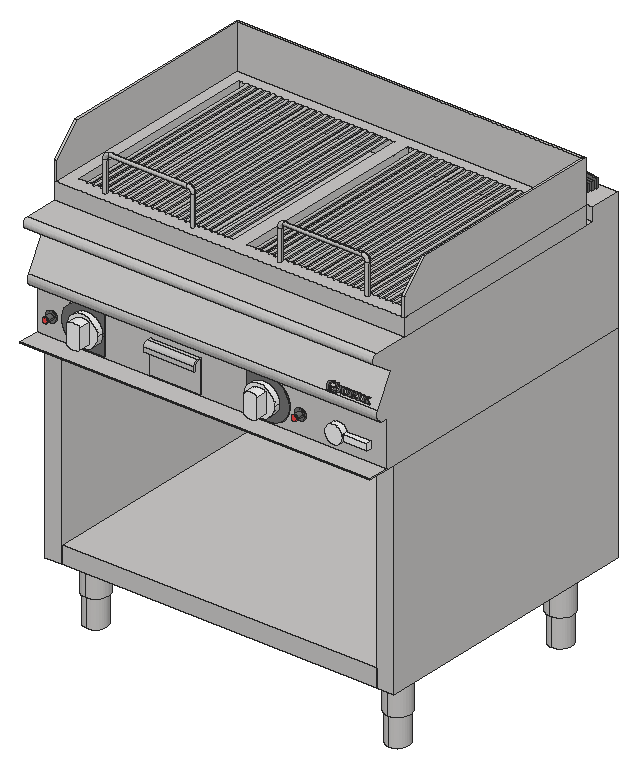
Revit family "QF_GIORIK_GL74GV", category Specialty Equipment, Revit 2014
Parameters (values of type "GL74GV")
  Weight in Pounds = 220.462
  Waste Water Discharge Temperature [instance] = 0 °C
  URL Cutsheet = "www.giorik.com"
  URL = "www.giorik.com"
  Status [instance] = ""
  Specification by User [instance] = ""
  Specification by Manufacturer = ""
  Show Logo [instance] = yes
  Show Clearance [instance] = yes
  Serial Number = ""
  Seismic Rating = ""
  SMACNA No = ""
  Revision Code [instance] = ""
  Plumbing Remarks [instance] = ""
  Plumbing Connection Type [instance] = ""
  NAFEM Spec ID Number = ""
  Model = "GL74GV"
  Masterspec = ""
  Manufacturer = "GIORIK"
  Item Number [instance] = ""
  Installed By [instance] = ""
  Indirect Waste Size = 3/4"
  Indirect Waste Flow = 0.0 L/s
  Indirect Waste Connection Type [instance] = ""
  Indirect Waste Connection Height [instance] = 150 mm
  Identify Quantity as Lot [instance] = no
  Gas Size = 1"
  Gas RI Height [instance] = 0 mm
  Gas KW = 17
  Gas Input = 17000 W
  Gas Connection Height [instance] = 150 mm
  Furnished By [instance] = ""
  Foodservice Equipment Identifier [instance] = yes
  Description = "AQUA GRILL"
  Cold Water Temperature Recommended = 0 °C
  Cold Water Size = 1/2"
  Cold Water RI Height [instance] = 150 mm
  Cold Water Minimum Pressure = 20000.0 Pa
  Cold Water Maximum Pressure = 50000.0 Pa
  Cold Water Flow [instance] = 0.0 L/s
  Cold Water Consumption [instance] = ""
  Cold Water Connection Height [instance] = 150 mm
  CSI MasterFormat = ""
  Assembly Code = "E1090320"
Reference planes
  plane 1 "Back": y = 0
  plane 2: z = 0
  plane 3 "Left": x = 0
  plane 4 "Right": x = 800
  plane 5 "Front": y = -720
  plane 6 "Top": z = 900
Forms (mm)
  Extrusion 1, solid, visible <- "Show Logo"
    sketch origin (586.604, -708.674, 717.684) x (-1, 0, 0) y (0, 0.515038, 0.857167)
      loop
        line (-118.824, 58.358) -> (-127.804, 58.358) -> (-125.523, 56.445) -> (-125.523, 48.027) -> (-127.804, 46.113) -> (-118.824, 46.113) -> (-121.105, 48.027) -> (-121.105, 56.445) -> (-118.824, 58.358)
      loop
        line (-163.721, 58.358) -> (-172.7, 58.358) -> (-170.42, 56.445) -> (-170.42, 48.027) -> (-172.7, 46.113) -> (-163.721, 46.113) -> (-166.001, 48.027) -> (-166.001, 56.445) -> (-163.721, 58.358)
      loop
        line (-174.332, 58.358) -> (-183.312, 58.358) -> (-181.031, 56.445) -> (-181.031, 52.435) -> (-186.419, 56.955) -> (-184.416, 58.358) -> (-191.268, 58.358) -> (-188.01, 56.839) -> (-185.455, 54.283) -> (-190.846, 47.858) -> (-193.396, 46.93) -> (-193.396, 46.113) -> (-184.416, 46.113) -> (-185.437, 47.571) -> (-182.443, 51.552) -> (-181.031, 50.894) -> (-181.031, 48.027) -> (-183.312, 46.113) -> (-174.332, 46.113) -> (-176.613, 48.027) -> (-176.613, 56.445) -> (-174.332, 58.358)
      loop
        line (-115.429, 62.063) -> (-115.429, 54.198)
        arc (-115.429, 54.198) -> (-111.618, 57.803) -> (-106.847, 59.986) r 16.039
        arc (-106.847, 59.986) -> (-103.314, 59.837) -> (-100.512, 57.68) r 5.851
        arc (-100.512, 57.68) -> (-98.815, 52.267) -> (-100.512, 46.853) r 9.479
        arc (-100.512, 46.853) -> (-102.406, 44.986) -> (-104.846, 43.93) r 7.236
        arc (-104.846, 43.93) -> (-107.728, 44.111) -> (-110.052, 45.825) r 5.11
        line (-110.052, 45.825) -> (-110.052, 52.001) -> (-116.141, 52.001) -> (-116.141, 45.503) -> (-117.893, 43.751) -> (-114.094, 44.769)
        arc (-114.094, 44.769) -> (-112.56, 44.947) -> (-111.129, 44.366) r 3.115
        arc (-111.129, 44.366) -> (-104.216, 42.091) -> (-97.303, 44.366) r 11.641
        arc (-97.303, 44.366) -> (-93.396, 52.107) -> (-97.303, 59.849) r 9.622
        arc (-97.303, 59.849) -> (-104.369, 62.174) -> (-111.435, 59.849) r 11.898
        line (-111.435, 59.849) -> (-115.429, 62.063)
      loop
        arc (-129.234, 56.068) -> (-135.893, 58.628) -> (-142.552, 56.068) r 9.941
        arc (-142.552, 56.068) -> (-144.234, 52.286) -> (-142.552, 48.505) r 5.093
        arc (-142.552, 48.505) -> (-135.893, 45.945) -> (-129.234, 48.505) r 9.941
        arc (-129.234, 48.505) -> (-127.552, 52.286) -> (-129.234, 56.068) r 5.093
      loop
        arc (-132.628, 54.403) -> (-135.893, 57.668) -> (-139.158, 54.403) r 3.265
        line (-139.158, 54.403) -> (-139.158, 50.169)
        arc (-139.158, 50.169) -> (-135.893, 46.904) -> (-132.628, 50.169) r 3.265
        line (-132.628, 50.169) -> (-132.628, 54.403)
      loop
        arc (-156.363, 58.365) -> (-159.647, 55.081) -> (-156.363, 51.796) r 3.285
        line (-156.363, 51.796) -> (-159.529, 47.306) -> (-162.087, 46.113) -> (-155.847, 46.113) -> (-153.529, 51.083) -> (-150.637, 51.083) -> (-150.637, 47.784) -> (-153.022, 46.113) -> (-144.011, 46.113) -> (-146.094, 47.68) -> (-146.094, 56.493) -> (-144.229, 58.365) -> (-156.363, 58.365)
      loop
        line (-150.637, 57.512) -> (-153.637, 57.512)
        arc (-153.637, 57.512) -> (-156.237, 54.912) -> (-153.637, 52.312) r 2.6
        line (-153.637, 52.312) -> (-150.637, 52.312) -> (-150.637, 57.512)
      loop
        line (-108.924, 52.001) -> (-104.936, 49.005) -> (-100.948, 52.001) -> (-108.924, 52.001)
    from 1.5 to -0.5
  Extrusion 2, solid
    sketch origin (-16, 1025.81, 0) x (1, 0, 0) y (0, 1, 0)
      loop
        line (25, -1086.81) -> (25, -1156.81) -> (115, -1156.81) -> (115, -1086.81) -> (25, -1086.81)
    from 148 to 150
  Extrusion 3, solid
    sketch origin (-4, 0, 130) x (1, 0, 0) y (0, 1, 0)
      loop
        circle (54, -385) r 12.5
    from 0 to 20
  Extrusion 4, solid
    sketch origin (0, 1000, -20) x (0, 1, 0) y (0, 0, 1)
      loop
        line (-1000, 919.988) -> (-1070, 919.988) -> (-1070, 889.988) -> (-1688.806, 889.988)
        arc (-1688.806, 889.988) -> (-1699.151, 883.075) -> (-1696.724, 870.873) r 11.197
        line (-1696.724, 870.873) -> (-1647.575, 836.458) -> (-1686.203, 772.171)
        arc (-1686.203, 772.171) -> (-1687.435, 755.768) -> (-1675, 745) r 18.302
        line (-1675, 745) -> (-1660, 745) -> (-1660, 640) -> (-1000, 640) -> (-1000, 919.988)
    from 0 to 800
  Extrusion 5, solid
    sketch origin (-16, 560.81, 0) x (1, 0, 0) y (0, 1, 0)
      loop
        line (25, -1086.81) -> (25, -1156.81) -> (115, -1156.81) -> (115, -1086.81) -> (25, -1086.81)
    from 148 to 150
  Revolve 6, solid
    sketch origin (54, 560.81, 0) x (0, 1, 0) y (0, 0, 1)
      loop
        line (-1092.56, 66) -> (-1092.56, 148) -> (-1121.81, 148) -> (-1121.81, 0) -> (-1096.81, 0) -> (-1096.81, 66) -> (-1092.56, 66)
      axis (-1121.81, 0) -> (-1121.81, 148)
    angle from 0 to 360
  Revolve 7, solid
    sketch origin (54, 1025.81, 0) x (0, 1, 0) y (0, 0, 1)
      loop
        line (-1092.56, 66) -> (-1092.56, 148) -> (-1121.81, 148) -> (-1121.81, 0) -> (-1096.81, 0) -> (-1096.81, 66) -> (-1092.56, 66)
      axis (-1121.81, 0) -> (-1121.81, 148)
    angle from 0 to 360
  Extrusion 8, solid
    sketch origin (816, 560.81, 0) x (-1, 0, 0) y (0, -1, 0)
      loop
        line (25, 1086.81) -> (115, 1086.81) -> (115, 1156.81) -> (25, 1156.81) -> (25, 1086.81)
    from 148 to 150
  Revolve 9, solid
    sketch origin (746, 560.81, 0) x (0, 1, 0) y (0, 0, -1)
      loop
        line (-1092.56, -66) -> (-1096.81, -66) -> (-1096.81, 0) -> (-1121.81, 0) -> (-1121.81, -148) -> (-1092.56, -148) -> (-1092.56, -66)
      axis (-1121.81, 0) -> (-1121.81, -148)
    angle from 0 to 360
  Extrusion 10, solid
    sketch origin (816, -1217.81, 0) x (-1, 0, 0) y (0, -1, 0)
      loop
        line (25, -1086.81) -> (25, -1156.81) -> (115, -1156.81) -> (115, -1086.81) -> (25, -1086.81)
    from 148 to 150
  Revolve 11, solid
    sketch origin (746, -1217.81, 0) x (0, -1, 0) y (0, 0, 1)
      loop
        line (-1092.56, 66) -> (-1092.56, 148) -> (-1121.81, 148) -> (-1121.81, 0) -> (-1096.81, 0) -> (-1096.81, 66) -> (-1092.56, 66)
      axis (-1121.81, 0) -> (-1121.81, 148)
    angle from 0 to 360
  Extrusion 12, solid
    sketch origin (-308.221, -612, -51.25) x (1, 0, 0) y (0, 0, 1)
      loop
        line (463.221, 676.25) -> (463.221, 766.25) -> (409.698, 766.25)
        arc (409.698, 766.25) -> (364.698, 721.25) -> (409.698, 676.25) r 45
        line (409.698, 676.25) -> (463.221, 676.25)
    from 48 to 50
  Extrusion 13, solid
    sketch origin (466.331, -660.641, -51.634) x (-1, 0, 0) y (0, -0.000888, -1)
      loop
        circle (351.331, -721.346) r 35
    from 0 to 15
  Extrusion 14, solid
    sketch origin (466.331, -660.641, -51.634) x (-1, 0, 0) y (0, -0.000888, -1)
      loop
        arc (336.331, -743.846) -> (351.331, -748.846) -> (366.331, -743.846) r 25
        line (366.331, -743.846) -> (366.331, -698.846)
        arc (366.331, -698.846) -> (351.331, -693.846) -> (336.331, -698.846) r 25
        line (336.331, -698.846) -> (336.331, -743.846)
    from 15 to 40
  Extrusion 15, solid
    sketch origin (-94, 0, -10.001) x (1, 0, 0) y (0, 0, 1)
      loop
        line (135, 909.989) -> (453, 909.989) -> (453, 925.527) -> (347.056, 931.749) -> (240.944, 931.749) -> (135, 925.527) -> (135, 909.989)
    from 32 to 35
  Extrusion 16, solid
    sketch origin (-92, 10, -10.001) x (1, 0, 0) y (0, 0, 1)
      loop
        line (454, 909.989) -> (454, 928.527) -> (346.162, 939.193) -> (237.838, 939.193) -> (130, 928.527) -> (130, 909.989) -> (454, 909.989)
    from 32 to 35
  Extrusion 17, solid
    sketch origin (-90, 20, -10.001) x (1, 0, 0) y (0, 0, 1)
      loop
        line (455, 909.989) -> (455, 930.527) -> (345.396, 947.413) -> (234.604, 947.413) -> (125, 930.527) -> (125, 909.989) -> (455, 909.989)
    from 32 to 35
  Extrusion 18, solid
    sketch origin (0, 0, 0) x (0, 1, 0) y (0, 0, 1)
      loop
        line (-90, 909.988) -> (-90, 1009.988) -> (-551.877, 1009.988) -> (-610, 951.864) -> (-610, 909.988) -> (-90, 909.988)
    from 0 to 5
  Extrusion 19, solid
    sketch origin (0, -90, 0) x (1, 0, 0) y (0, 0, 1)
      loop
        line (5, 1009.988) -> (5, 909.988) -> (795, 909.988) -> (795, 1009.988) -> (5, 1009.988)
    from 0 to 5
  Sweep 20, solid
    path origin (32.128, -587.463, 1856.207) x (0, 0, 1) y (-1, 0, 0)
      loop
        line (-946.207, -65.372) -> (-876.207, -65.372)
        arc (-876.207, -65.372) -> (-869.136, -68.301) -> (-866.207, -75.372) r 10
        line (-866.207, -75.372) -> (-866.207, -255.372)
        arc (-866.207, -255.372) -> (-869.136, -262.443) -> (-876.207, -265.372) r 10
        line (-876.207, -265.372) -> (-946.207, -265.372)
    profile origin (97.5, -587.463, 945) x (-1, 0, 0) y (0, -1, 0)
      loop
        circle (0, 0) r 4
  Extrusion 21, solid
    sketch origin (1041.331, -660, -61.247) x (-1, 0, 0) y (0, 0, -1)
      loop
        circle (351.331, -721.221) r 20
    from 0 to 15
  Extrusion 22, solid
    sketch origin (410, -664, -62.044) x (1, 0, 0) y (0, 0, 1)
      loop
        line (275.18, 729.518) -> (275.18, 714.518) -> (355.18, 714.518) -> (355.18, 729.518) -> (275.18, 729.518)
    from 0 to 10
  Extrusion 23, solid
    sketch origin (122.347, -700, 59.9) x (0, 1, 0) y (0, 0, 1)
      loop
        line (40, 640.1) -> (30, 640.1)
        arc (30, 640.1) -> (22.929, 637.171) -> (20, 630.1) r 10
        line (20, 630.1) -> (20, 620.1) -> (22, 620.1) -> (22, 630.1)
        arc (22, 630.1) -> (24.343, 635.757) -> (30, 638.1) r 8
        line (30, 638.1) -> (38, 638.1) -> (38, 565.1) -> (40, 565.1) -> (40, 640.1)
    from 137.5 to 252.5
  Extrusion 24, solid
    sketch origin (22, 0, 100) x (0, 1, 0) y (-1, 0, 0)
      loop
        circle (-185, -308) r 9.3
    from 30 to 50
  Extrusion 25, solid
    sketch origin (432, -293, 100) x (0, 1, 0) y (-1, 0, 0)
      loop
        circle (-185, -308) r 6.5
    from 30 to 50
  Extrusion 26, solid
    sketch origin (0, 0, 900) x (0, 1, 0) y (-1, 0, 0)
      loop
        line (-90, 0) -> (-610, 0) -> (-610, -800) -> (-90, -800) -> (-90, 0)
      loop
        line (-120, -30) -> (-580, -30) -> (-580, -385) -> (-120, -385) -> (-120, -30)
      loop
        line (-120, -415) -> (-580, -415) -> (-580, -770) -> (-120, -770) -> (-120, -415)
    from -30.012 to 9.988
  Extrusion 27, solid
    sketch origin (0, 0, 0) x (1, 0, 0) y (0, 0, 1)
      loop
        circle (50, 906.988) r 3
    from 120 to 580
  Extrusion 28, solid
    sketch origin (15, 0, 0) x (1, 0, 0) y (0, 0, 1)
      loop
        circle (50, 906.988) r 3
    from 120 to 580
  Extrusion 29, solid
    sketch origin (30, 0, 0) x (1, 0, 0) y (0, 0, 1)
      loop
        circle (50, 906.988) r 3
    from 120 to 580
  Extrusion 30, solid
    sketch origin (45, 0, 0) x (1, 0, 0) y (0, 0, 1)
      loop
        circle (50, 906.988) r 3
    from 120 to 580
  Extrusion 31, solid
    sketch origin (60, 0, 0) x (1, 0, 0) y (0, 0, 1)
      loop
        circle (50, 906.988) r 3
    from 120 to 580
  Extrusion 32, solid
    sketch origin (75, 0, 0) x (1, 0, 0) y (0, 0, 1)
      loop
        circle (50, 906.988) r 3
    from 120 to 580
  Extrusion 33, solid
    sketch origin (90, 0, 0) x (1, 0, 0) y (0, 0, 1)
      loop
        circle (50, 906.988) r 3
    from 120 to 580
  Extrusion 34, solid
    sketch origin (105, 0, 0) x (1, 0, 0) y (0, 0, 1)
      loop
        circle (50, 906.988) r 3
    from 120 to 580
  Extrusion 35, solid
    sketch origin (120, 0, 0) x (1, 0, 0) y (0, 0, 1)
      loop
        circle (50, 906.988) r 3
    from 120 to 580
  Extrusion 36, solid
    sketch origin (135, 0, 0) x (1, 0, 0) y (0, 0, 1)
      loop
        circle (50, 906.988) r 3
    from 120 to 580
  Extrusion 37, solid
    sketch origin (150, 0, 0) x (1, 0, 0) y (0, 0, 1)
      loop
        circle (50, 906.988) r 3
    from 120 to 580
  Extrusion 38, solid
    sketch origin (165, 0, 0) x (1, 0, 0) y (0, 0, 1)
      loop
        circle (50, 906.988) r 3
    from 120 to 580
  Extrusion 39, solid
    sketch origin (180, 0, 0) x (1, 0, 0) y (0, 0, 1)
      loop
        circle (50, 906.988) r 3
    from 120 to 580
  Extrusion 40, solid
    sketch origin (195, 0, 0) x (1, 0, 0) y (0, 0, 1)
      loop
        circle (50, 906.988) r 3
    from 120 to 580
  Extrusion 41, solid
    sketch origin (210, 0, 0) x (1, 0, 0) y (0, 0, 1)
      loop
        circle (50, 906.988) r 3
    from 120 to 580
  Extrusion 42, solid
    sketch origin (225, 0, 0) x (1, 0, 0) y (0, 0, 1)
      loop
        circle (50, 906.988) r 3
    from 120 to 580
  Extrusion 43, solid
    sketch origin (240, 0, 0) x (1, 0, 0) y (0, 0, 1)
      loop
        circle (50, 906.988) r 3
    from 120 to 580
  Extrusion 44, solid
    sketch origin (255, 0, 0) x (1, 0, 0) y (0, 0, 1)
      loop
        circle (50, 906.988) r 3
    from 120 to 580
  Extrusion 45, solid
    sketch origin (270, 0, 0) x (1, 0, 0) y (0, 0, 1)
      loop
        circle (50, 906.988) r 3
    from 120 to 580
  Extrusion 46, solid
    sketch origin (285, 0, 0) x (1, 0, 0) y (0, 0, 1)
      loop
        circle (50, 906.988) r 3
    from 120 to 580
  Extrusion 47, solid
    sketch origin (300, 0, 0) x (1, 0, 0) y (0, 0, 1)
      loop
        circle (50, 906.988) r 3
    from 120 to 580
  Extrusion 48, solid
    sketch origin (0, -660, 0) x (1, 0, 0) y (0, 0, 1)
      loop
        line (0, 620) -> (800, 620) -> (800, 622) -> (0, 622) -> (0, 620)
    from 0 to 50
  Extrusion 49, solid
    sketch origin (-6.142, -635.246, -47.152) x (1, 0, 0) y (0, 0.000339, 1)
      loop
        circle (38.702, 711.666) r 12.5
    from 25 to 27
  Extrusion 50, solid
    sketch origin (-732.35, -662.248, -53.566) x (1, 0, 0) y (0, 0.000339, 1)
      loop
        circle (764.91, 718.089) r 6
    from 0 to 15
  Extrusion 51, solid
    sketch origin (-732.35, -663.41, -53.565) x (1, 0, 0) y (0, 0.000339, 1)
      loop
        circle (764.91, 718.089) r 6
    from 13.838 to 15.838
  Extrusion 52, solid
    sketch origin (795, 0, 0) x (0, 1, 0) y (0, 0, 1)
      loop
        line (-90, 909.988) -> (-90, 1009.988) -> (-551.877, 1009.988) -> (-610, 951.864) -> (-610, 909.988) -> (-90, 909.988)
    from 0 to 5
  Extrusion 53, solid
    sketch origin (306, 0, -10.001) x (1, 0, 0) y (0, 0, 1)
      loop
        line (135, 909.989) -> (453, 909.989) -> (453, 925.527) -> (347.056, 931.749) -> (240.944, 931.749) -> (135, 925.527) -> (135, 909.989)
    from 32 to 35
  Extrusion 54, solid
    sketch origin (308, 10, -10.001) x (1, 0, 0) y (0, 0, 1)
      loop
        line (454, 909.989) -> (454, 928.527) -> (346.162, 939.193) -> (237.838, 939.193) -> (130, 928.527) -> (130, 909.989) -> (454, 909.989)
    from 32 to 35
  Extrusion 55, solid
    sketch origin (310, 20, -10.001) x (1, 0, 0) y (0, 0, 1)
      loop
        line (455, 909.989) -> (455, 930.527) -> (345.396, 947.413) -> (234.604, 947.413) -> (125, 930.527) -> (125, 909.989) -> (455, 909.989)
    from 32 to 35
  Sweep 56, solid
    path origin (432.128, -587.463, 1856.207) x (0, 0, 1) y (-1, 0, 0)
      loop
        line (-946.207, -65.372) -> (-876.207, -65.372)
        arc (-876.207, -65.372) -> (-869.136, -68.301) -> (-866.207, -75.372) r 10
        line (-866.207, -75.372) -> (-866.207, -255.372)
        arc (-866.207, -255.372) -> (-869.136, -262.443) -> (-876.207, -265.372) r 10
        line (-876.207, -265.372) -> (-946.207, -265.372)
    profile origin (497.5, -587.463, 945) x (-1, 0, 0) y (0, -1, 0)
      loop
        circle (0, 0) r 4
  Extrusion 57, solid
    sketch origin (943.221, -612, -51.25) x (-1, 0, 0) y (0, 0, -1)
      loop
        line (463.221, -676.25) -> (409.698, -676.25)
        arc (409.698, -676.25) -> (364.698, -721.25) -> (409.698, -766.25) r 45
        line (409.698, -766.25) -> (463.221, -766.25) -> (463.221, -676.25)
    from 48 to 50
  Extrusion 58, solid
    sketch origin (168.669, -660.641, -51.634) x (1, 0, 0) y (0, 0.000888, 1)
      loop
        circle (351.331, 721.346) r 35
    from 0 to 15
  Extrusion 59, solid
    sketch origin (168.669, -660.641, -51.634) x (1, 0, 0) y (0, 0.000888, 1)
      loop
        line (336.331, 743.846) -> (336.331, 698.846)
        arc (336.331, 698.846) -> (351.331, 693.846) -> (366.331, 698.846) r 25
        line (366.331, 698.846) -> (366.331, 743.846)
        arc (366.331, 743.846) -> (351.331, 748.846) -> (336.331, 743.846) r 25
    from 15 to 40
  Extrusion 60, solid
    sketch origin (641.142, -635.246, -47.152) x (-1, 0, 0) y (0, -0.000339, -1)
      loop
        circle (38.702, -711.666) r 12.5
    from 25 to 27
  Extrusion 61, solid
    sketch origin (1367.35, -662.248, -53.566) x (-1, 0, 0) y (0, -0.000339, -1)
      loop
        circle (764.91, -718.089) r 6
    from 0 to 15
  Extrusion 62, solid
    sketch origin (1367.35, -663.41, -53.565) x (-1, 0, 0) y (0, -0.000339, -1)
      loop
        circle (764.91, -718.089) r 6
    from 13.838 to 15.838
  Extrusion 63, solid
    sketch origin (315, 0, 0) x (1, 0, 0) y (0, 0, 1)
      loop
        circle (50, 906.988) r 3
    from 120 to 580
  Extrusion 64, solid
    sketch origin (385, 0, 0) x (1, 0, 0) y (0, 0, 1)
      loop
        circle (50, 906.988) r 3
    from 120 to 580
  Extrusion 65, solid
    sketch origin (400, 0, 0) x (1, 0, 0) y (0, 0, 1)
      loop
        circle (50, 906.988) r 3
    from 120 to 580
  Extrusion 66, solid
    sketch origin (415, 0, 0) x (1, 0, 0) y (0, 0, 1)
      loop
        circle (50, 906.988) r 3
    from 120 to 580
  Extrusion 67, solid
    sketch origin (430, 0, 0) x (1, 0, 0) y (0, 0, 1)
      loop
        circle (50, 906.988) r 3
    from 120 to 580
  Extrusion 68, solid
    sketch origin (445, 0, 0) x (1, 0, 0) y (0, 0, 1)
      loop
        circle (50, 906.988) r 3
    from 120 to 580
  Extrusion 69, solid
    sketch origin (460, 0, 0) x (1, 0, 0) y (0, 0, 1)
      loop
        circle (50, 906.988) r 3
    from 120 to 580
  Extrusion 70, solid
    sketch origin (475, 0, 0) x (1, 0, 0) y (0, 0, 1)
      loop
        circle (50, 906.988) r 3
    from 120 to 580
  Extrusion 71, solid
    sketch origin (490, 0, 0) x (1, 0, 0) y (0, 0, 1)
      loop
        circle (50, 906.988) r 3
    from 120 to 580
  Extrusion 72, solid
    sketch origin (505, 0, 0) x (1, 0, 0) y (0, 0, 1)
      loop
        circle (50, 906.988) r 3
    from 120 to 580
  Extrusion 73, solid
    sketch origin (520, 0, 0) x (1, 0, 0) y (0, 0, 1)
      loop
        circle (50, 906.988) r 3
    from 120 to 580
  Extrusion 74, solid
    sketch origin (535, 0, 0) x (1, 0, 0) y (0, 0, 1)
      loop
        circle (50, 906.988) r 3
    from 120 to 580
  Extrusion 75, solid
    sketch origin (550, 0, 0) x (1, 0, 0) y (0, 0, 1)
      loop
        circle (50, 906.988) r 3
    from 120 to 580
  Extrusion 76, solid
    sketch origin (565, 0, 0) x (1, 0, 0) y (0, 0, 1)
      loop
        circle (50, 906.988) r 3
    from 120 to 580
  Extrusion 77, solid
    sketch origin (580, 0, 0) x (1, 0, 0) y (0, 0, 1)
      loop
        circle (50, 906.988) r 3
    from 120 to 580
  Extrusion 78, solid
    sketch origin (595, 0, 0) x (1, 0, 0) y (0, 0, 1)
      loop
        circle (50, 906.988) r 3
    from 120 to 580
  Extrusion 79, solid
    sketch origin (610, 0, 0) x (1, 0, 0) y (0, 0, 1)
      loop
        circle (50, 906.988) r 3
    from 120 to 580
  Extrusion 80, solid
    sketch origin (625, 0, 0) x (1, 0, 0) y (0, 0, 1)
      loop
        circle (50, 906.988) r 3
    from 120 to 580
  Extrusion 81, solid
    sketch origin (640, 0, 0) x (1, 0, 0) y (0, 0, 1)
      loop
        circle (50, 906.988) r 3
    from 120 to 580
  Extrusion 82, solid
    sketch origin (655, 0, 0) x (1, 0, 0) y (0, 0, 1)
      loop
        circle (50, 906.988) r 3
    from 120 to 580
  Extrusion 83, solid
    sketch origin (670, 0, 0) x (1, 0, 0) y (0, 0, 1)
      loop
        circle (50, 906.988) r 3
    from 120 to 580
  Extrusion 84, solid
    sketch origin (685, 0, 0) x (1, 0, 0) y (0, 0, 1)
      loop
        circle (50, 906.988) r 3
    from 120 to 580
  Extrusion 85, solid
    sketch origin (700, 0, 0) x (1, 0, 0) y (0, 0, 1)
      loop
        circle (50, 906.988) r 3
    from 120 to 580
  Extrusion 86, solid
    sketch origin (306, 0, -10.001) x (1, 0, 0) y (0, 0, 1)
      loop
        line (135, 909.989) -> (453, 909.989) -> (453, 925.527) -> (347.056, 931.749) -> (240.944, 931.749) -> (135, 925.527) -> (135, 909.989)
    from 32 to 35
  Extrusion 87, solid
    sketch origin (308, 10, -10.001) x (1, 0, 0) y (0, 0, 1)
      loop
        line (454, 909.989) -> (454, 928.527) -> (346.162, 939.193) -> (237.838, 939.193) -> (130, 928.527) -> (130, 909.989) -> (454, 909.989)
    from 32 to 35
  Extrusion 88, solid
    sketch origin (310, 20, -10.001) x (1, 0, 0) y (0, 0, 1)
      loop
        line (455, 909.989) -> (455, 930.527) -> (345.396, 947.413) -> (234.604, 947.413) -> (125, 930.527) -> (125, 909.989) -> (455, 909.989)
    from 32 to 35
  Extrusion 89, solid
    sketch origin (0, 0, 599.536) x (1, 0, 0) y (0, 1, 0)
      loop
        line (0, -640) -> (40, -640) -> (40, -40) -> (760, -40) -> (760, -640) -> (800, -640) -> (800, 0) -> (0, 0) -> (0, -640)
    from -449.536 to 20.464
  Extrusion 90, solid
    sketch origin (0, 0, 0) x (1, 0, 0) y (0, 1, 0)
      loop
        line (40, -40) -> (40, -640) -> (760, -640) -> (760, -40) -> (40, -40)
    from 150 to 190
Lines and regions (mm)
  symbolic lines, style "200-EquipBorder-2D"
    curve 1: line (0, -720, 0) -> (800, -720, 0)
    curve 2: line (800, -720, 0) -> (800, 0, 0)
    curve 3: line (800, 0, 0) -> (0, 0, 0)
    curve 4: line (0, 0, 0) -> (0, -720, 0)
  symbolic lines, style "200-EquipInternal-2D"
    curve 5: line (0, -70, 900) -> (800, -70, 900)
    curve 6: line (35, -12, 900) -> (365, -12, 900)
    curve 7: line (365, -12, 900) -> (365, -15, 900)
    curve 8: line (365, -15, 900) -> (35, -15, 900)
    curve 9: line (35, -15, 900) -> (35, -12, 900)
    curve 10: line (38, -22, 900) -> (362, -22, 900)
    curve 11: line (362, -22, 900) -> (362, -25, 900)
    curve 12: line (362, -25, 900) -> (38, -25, 900)
    curve 13: line (38, -25, 900) -> (38, -22, 900)
    curve 14: line (41, -32, 900) -> (359, -32, 900)
    curve 15: line (359, -32, 900) -> (359, -35, 900)
    curve 16: line (359, -35, 900) -> (41, -35, 900)
    curve 17: line (41, -35, 900) -> (41, -32, 900)
    curve 18: line (5, -95, 900) -> (795, -95, 900)
    curve 19: line (0, -90, 900) -> (800, -90, 900)
    curve 20: line (800, -90, 900) -> (800, -610, 900)
    curve 21: line (795, -610, 900) -> (795, -95, 900)
    curve 22: line (5, -95, 900) -> (5, -610, 900)
    curve 23: line (0, -610, 900) -> (0, -90, 900)
    curve 24: line (0, -610, 900) -> (800, -610, 900)
    curve 25: line (30, -580, 900) -> (30, -120, 900)
    curve 26: line (385, -120, 900) -> (385, -580, 900)
    curve 27: line (137, -120, 900) -> (137, -580, 900)
    curve 28: line (47, -580, 900) -> (47, -120, 900)
    curve 29: line (53, -580, 900) -> (53, -120, 900)
    curve 30: line (62, -120, 900) -> (62, -580, 900)
    curve 31: line (62, -580, 900) -> (53, -580, 900)
    curve 32: line (47, -580, 900) -> (30, -580, 900)
    curve 33: line (30, -120, 900) -> (47, -120, 900)
    curve 34: line (53, -120, 900) -> (62, -120, 900)
    curve 35: line (68, -120, 900) -> (68, -580, 900)
    curve 36: line (68, -580, 900) -> (77, -580, 900)
    curve 37: line (77, -580, 900) -> (77, -120, 900)
    curve 38: line (77, -120, 900) -> (68, -120, 900)
    curve 39: line (83, -120, 900) -> (92, -120, 900)
    curve 40: line (92, -120, 900) -> (92, -580, 900)
    curve 41: line (92, -580, 900) -> (83, -580, 900)
    curve 42: line (83, -580, 900) -> (83, -120, 900)
    curve 43: line (98, -120, 900) -> (98, -580, 900)
    curve 44: line (98, -580, 900) -> (107, -580, 900)
    curve 45: line (107, -580, 900) -> (107, -120, 900)
    curve 46: line (107, -120, 900) -> (98, -120, 900)
    curve 47: line (113, -120, 900) -> (122, -120, 900)
    curve 48: line (122, -120, 900) -> (122, -580, 900)
    curve 49: line (122, -580, 900) -> (113, -580, 900)
    curve 50: line (113, -580, 900) -> (113, -120, 900)
    curve 51: line (137, -120, 900) -> (128, -120, 900)
    curve 52: line (128, -120, 900) -> (128, -580, 900)
    curve 53: line (128, -580, 900) -> (137, -580, 900)
    curve 54: line (143, -580, 900) -> (143, -120, 900)
    curve 55: line (143, -120, 900) -> (152, -120, 900)
    curve 56: line (152, -120, 900) -> (152, -580, 900)
    curve 57: line (152, -580, 900) -> (143, -580, 900)
    curve 58: line (158, -580, 900) -> (158, -120, 900)
    curve 59: line (158, -120, 900) -> (167, -120, 900)
    curve 60: line (167, -120, 900) -> (167, -580, 900)
    curve 61: line (167, -580, 900) -> (158, -580, 900)
    curve 62: line (173, -580, 900) -> (173, -120, 900)
    curve 63: line (173, -120, 900) -> (182, -120, 900)
    curve 64: line (182, -120, 900) -> (182, -580, 900)
    curve 65: line (182, -580, 900) -> (173, -580, 900)
    curve 66: line (188, -580, 900) -> (188, -120, 900)
    curve 67: line (188, -120, 900) -> (197, -120, 900)
    curve 68: line (197, -120, 900) -> (197, -580, 900)
    curve 69: line (197, -580, 900) -> (188, -580, 900)
    curve 70: line (203, -580, 900) -> (203, -120, 900)
    curve 71: line (203, -120, 900) -> (212, -120, 900)
    curve 72: line (212, -120, 900) -> (212, -580, 900)
    curve 73: line (212, -580, 900) -> (203, -580, 900)
    curve 74: line (218, -580, 900) -> (218, -120, 900)
    curve 75: line (218, -120, 900) -> (227, -120, 900)
    curve 76: line (227, -120, 900) -> (227, -580, 900)
    curve 77: line (227, -580, 900) -> (218, -580, 900)
    curve 78: line (233, -580, 900) -> (233, -120, 900)
    curve 79: line (233, -120, 900) -> (242, -120, 900)
    curve 80: line (242, -120, 900) -> (242, -580, 900)
    curve 81: line (242, -580, 900) -> (233, -580, 900)
    curve 82: line (248, -580, 900) -> (248, -120, 900)
    curve 83: line (248, -120, 900) -> (257, -120, 900)
    curve 84: line (257, -120, 900) -> (257, -580, 900)
    curve 85: line (257, -580, 900) -> (248, -580, 900)
    curve 86: line (263, -580, 900) -> (263, -120, 900)
    curve 87: line (263, -120, 900) -> (272, -120, 900)
    curve 88: line (272, -120, 900) -> (272, -580, 900)
    curve 89: line (272, -580, 900) -> (263, -580, 900)
    curve 90: line (278, -580, 900) -> (278, -120, 900)
    curve 91: line (278, -120, 900) -> (287, -120, 900)
    curve 92: line (287, -120, 900) -> (287, -580, 900)
    curve 93: line (287, -580, 900) -> (278, -580, 900)
    curve 94: line (293, -580, 900) -> (293, -120, 900)
    curve 95: line (293, -120, 900) -> (302, -120, 900)
    curve 96: line (302, -120, 900) -> (302, -580, 900)
    curve 97: line (302, -580, 900) -> (293, -580, 900)
    curve 98: line (308, -580, 900) -> (308, -120, 900)
    curve 99: line (308, -120, 900) -> (317, -120, 900)
    curve 100: line (317, -120, 900) -> (317, -580, 900)
    curve 101: line (317, -580, 900) -> (308, -580, 900)
    curve 102: line (323, -580, 900) -> (323, -120, 900)
    curve 103: line (323, -120, 900) -> (332, -120, 900)
    curve 104: line (332, -120, 900) -> (332, -580, 900)
    curve 105: line (332, -580, 900) -> (323, -580, 900)
    curve 106: line (338, -580, 900) -> (338, -120, 900)
    curve 107: line (338, -120, 900) -> (347, -120, 900)
    curve 108: line (347, -120, 900) -> (347, -580, 900)
    curve 109: line (347, -580, 900) -> (338, -580, 900)
    curve 110: line (353, -580, 900) -> (353, -120, 900)
    curve 111: line (353, -120, 900) -> (362, -120, 900)
    curve 112: line (353, -580, 900) -> (362, -580, 900)
    curve 113: line (97.5, -583.463, 900) -> (297.5, -583.463, 900)
    curve 114: line (297.5, -591.463, 900) -> (97.5, -591.463, 900)
    curve 115: arc (97.5, -583.463, 900) -> (93.5, -587.463, 900) -> (97.5, -591.463, 900) r 4
    curve 116: arc (297.5, -583.463, 900) -> (301.5, -587.463, 900) -> (297.5, -591.463, 900) r 4
    curve 117: line (362, -120, 900) -> (362, -580, 900)
    curve 118: line (368, -580, 900) -> (368, -120, 900)
    curve 119: line (368, -120, 900) -> (385, -120, 900)
    curve 120: line (385, -580, 900) -> (368, -580, 900)
    curve 121: line (522, -120, 900) -> (522, -580, 900)
    curve 122: line (432, -580, 900) -> (432, -120, 900)
    curve 123: line (438, -580, 900) -> (438, -120, 900)
    curve 124: line (447, -120, 900) -> (447, -580, 900)
    curve 125: line (453, -120, 900) -> (453, -580, 900)
    curve 126: line (462, -580, 900) -> (462, -120, 900)
    curve 127: line (477, -120, 900) -> (477, -580, 900)
    curve 128: line (468, -580, 900) -> (468, -120, 900)
    curve 129: line (483, -120, 900) -> (483, -580, 900)
    curve 130: line (492, -580, 900) -> (492, -120, 900)
    curve 131: line (507, -120, 900) -> (507, -580, 900)
    curve 132: line (498, -580, 900) -> (498, -120, 900)
    curve 133: line (513, -120, 900) -> (513, -580, 900)
    curve 134: line (528, -580, 900) -> (528, -120, 900)
    curve 135: line (537, -120, 900) -> (537, -580, 900)
    curve 136: line (543, -580, 900) -> (543, -120, 900)
    curve 137: line (552, -120, 900) -> (552, -580, 900)
    curve 138: line (558, -580, 900) -> (558, -120, 900)
    curve 139: line (567, -120, 900) -> (567, -580, 900)
    curve 140: line (573, -580, 900) -> (573, -120, 900)
    curve 141: line (582, -120, 900) -> (582, -580, 900)
    curve 142: line (588, -580, 900) -> (588, -120, 900)
    curve 143: line (597, -120, 900) -> (597, -580, 900)
    curve 144: line (603, -580, 900) -> (603, -120, 900)
    curve 145: line (612, -120, 900) -> (612, -580, 900)
    curve 146: line (618, -580, 900) -> (618, -120, 900)
    curve 147: line (627, -120, 900) -> (627, -580, 900)
    curve 148: line (633, -580, 900) -> (633, -120, 900)
    curve 149: line (642, -120, 900) -> (642, -580, 900)
    curve 150: line (648, -580, 900) -> (648, -120, 900)
    curve 151: line (657, -120, 900) -> (657, -580, 900)
    curve 152: line (663, -580, 900) -> (663, -120, 900)
    curve 153: line (672, -120, 900) -> (672, -580, 900)
    curve 154: line (678, -580, 900) -> (678, -120, 900)
    curve 155: line (687, -120, 900) -> (687, -580, 900)
    curve 156: line (693, -580, 900) -> (693, -120, 900)
    curve 157: line (702, -120, 900) -> (702, -580, 900)
    curve 158: line (708, -580, 900) -> (708, -120, 900)
    curve 159: line (717, -120, 900) -> (717, -580, 900)
    curve 160: line (723, -580, 900) -> (723, -120, 900)
    curve 161: line (732, -120, 900) -> (732, -580, 900)
    curve 162: line (738, -580, 900) -> (738, -120, 900)
    curve 163: line (747, -120, 900) -> (747, -580, 900)
    curve 164: line (753, -580, 900) -> (753, -120, 900)
    curve 165: line (415, -580, 900) -> (415, -120, 900)
    curve 166: line (770, -120, 900) -> (770, -580, 900)
    curve 167: line (415, -120, 900) -> (432, -120, 900)
    curve 168: line (438, -120, 900) -> (447, -120, 900)
    curve 169: line (453, -120, 900) -> (462, -120, 900)
    curve 170: line (468, -120, 900) -> (477, -120, 900)
    curve 171: line (483, -120, 900) -> (492, -120, 900)
    curve 172: line (498, -120, 900) -> (507, -120, 900)
    curve 173: line (513, -120, 900) -> (522, -120, 900)
    curve 174: line (528, -120, 900) -> (537, -120, 900)
    curve 175: line (558, -120, 900) -> (567, -120, 900)
    curve 176: line (543, -120, 900) -> (552, -120, 900)
    curve 177: line (573, -120, 900) -> (582, -120, 900)
    curve 178: line (588, -120, 900) -> (597, -120, 900)
    curve 179: line (603, -120, 900) -> (612, -120, 900)
    curve 180: line (618, -120, 900) -> (627, -120, 900)
    curve 181: line (633, -120, 900) -> (642, -120, 900)
    curve 182: line (648, -120, 900) -> (657, -120, 900)
    curve 183: line (663, -120, 900) -> (672, -120, 900)
    curve 184: line (678, -120, 900) -> (687, -120, 900)
    curve 185: line (693, -120, 900) -> (702, -120, 900)
    curve 186: line (770, -120, 900) -> (753, -120, 900)
    curve 187: line (747, -120, 900) -> (738, -120, 900)
    curve 188: line (732, -120, 900) -> (723, -120, 900)
    curve 189: line (717, -120, 900) -> (708, -120, 900)
    curve 190: line (770, -580, 900) -> (753, -580, 900)
    curve 191: line (747, -580, 900) -> (738, -580, 900)
    curve 192: line (732, -580, 900) -> (723, -580, 900)
    curve 193: line (717, -580, 900) -> (708, -580, 900)
    curve 194: line (702, -580, 900) -> (693, -580, 900)
    curve 195: line (687, -580, 900) -> (678, -580, 900)
    curve 196: line (672, -580, 900) -> (663, -580, 900)
    curve 197: line (697.5, -591.463, 900) -> (497.5, -591.463, 900)
    curve 198: line (498, -580, 900) -> (507, -580, 900)
    curve 199: line (513, -580, 900) -> (522, -580, 900)
    curve 200: line (528, -580, 900) -> (537, -580, 900)
    curve 201: line (543, -580, 900) -> (552, -580, 900)
    curve 202: line (558, -580, 900) -> (567, -580, 900)
    curve 203: line (573, -580, 900) -> (582, -580, 900)
    curve 204: line (657, -580, 900) -> (648, -580, 900)
    curve 205: line (642, -580, 900) -> (633, -580, 900)
    curve 206: line (627, -580, 900) -> (618, -580, 900)
    curve 207: line (612, -580, 900) -> (603, -580, 900)
    curve 208: line (597, -580, 900) -> (588, -580, 900)
    curve 209: line (492, -580, 900) -> (483, -580, 900)
    curve 210: line (477, -580, 900) -> (468, -580, 900)
    curve 211: line (462, -580, 900) -> (453, -580, 900)
    curve 212: line (447, -580, 900) -> (438, -580, 900)
    curve 213: line (432, -580, 900) -> (415, -580, 900)
    curve 214: line (497.5, -583.463, 900) -> (697.5, -583.463, 900)
    curve 215: arc (497.5, -583.463, 900) -> (493.5, -587.463, 900) -> (497.5, -591.463, 900) r 4
    curve 216: arc (697.5, -583.463, 900) -> (701.5, -587.463, 900) -> (697.5, -591.463, 900) r 4
    curve 217: line (435, -12, 900) -> (765, -12, 900)
    curve 218: line (765, -12, 900) -> (765, -15, 900)
    curve 219: line (765, -15, 900) -> (435, -15, 900)
    curve 220: line (435, -15, 900) -> (435, -12, 900)
    curve 221: line (438, -22, 900) -> (762, -22, 900)
    curve 222: line (762, -22, 900) -> (762, -25, 900)
    curve 223: line (762, -25, 900) -> (438, -25, 900)
    curve 224: line (438, -25, 900) -> (438, -22, 900)
    curve 225: line (441, -32, 900) -> (759, -32, 900)
    curve 226: line (759, -32, 900) -> (759, -35, 900)
    curve 227: line (759, -35, 900) -> (441, -35, 900)
    curve 228: line (441, -35, 900) -> (441, -32, 900)
Dimensions and locks
  plane 3 "Left" to plane 4 "Right" = 800 mm
  plane 5 "Front" to plane 1 "Back" = 720 mm
  plane 4 "Right" to plane 3 "Left" = 800 mm
  plane 1 "Back" to plane 5 "Front" = 720 mm
  plane 6 "Top" to level = 900 mm  (x2)
  aligned and locked: level to plane 2
Connectors
  piping at (50, -385, 130), diameter 25.4, driven by "Gas Size"
    settings: on Extrusion 3, index 1, connector inside diameter 24", connector length 0 mm, flow factor 0, pipe flow 0.0 L/s, pressure drop 0.0 Pa, fitting loss kfactor 0, connector angle 0.00°, fixture units 0, engagement length 0 mm, angle of deflection 0.00°, flow configuration 1, flow direction 1, fitting loss method 0, system type 22, joint type 0, gender type 0, connector reference index -1, connector utility 0, adjustable connector no, is connector primary yes, connector description "Gas inlet"
  piping at (330, -185, 130), diameter 19.05, driven by "Indirect Waste Size", driven by "Indirect Waste Flow"
    settings: on Extrusion 24, index 2, connector inside diameter 24", connector length 0 mm, flow factor 0, pipe flow 0.0 L/s, pressure drop 0.0 Pa, fitting loss kfactor 0, connector angle 0.00°, fixture units 0, engagement length 0 mm, angle of deflection 0.00°, flow configuration 1, flow direction 2, fitting loss method 0, system type 16, joint type 0, gender type 0, connector reference index -1, connector utility 0, adjustable connector no, is connector primary no, connector description "Drain connection"
  piping at (740, -478, 130), diameter 12.7, driven by "Cold Water Size", driven by "Cold Water Flow"
    settings: on Extrusion 25, index 3, connector inside diameter 24", connector length 0 mm, flow factor 0, pipe flow 0.0 L/s, pressure drop 0.0 Pa, fitting loss kfactor 0, connector angle 0.00°, fixture units 0, engagement length 0 mm, angle of deflection 0.00°, flow configuration 1, flow direction 1, fitting loss method 0, system type 20, joint type 0, gender type 0, connector reference index -1, connector utility 0, adjustable connector no, is connector primary no, connector description "Water inlet"
